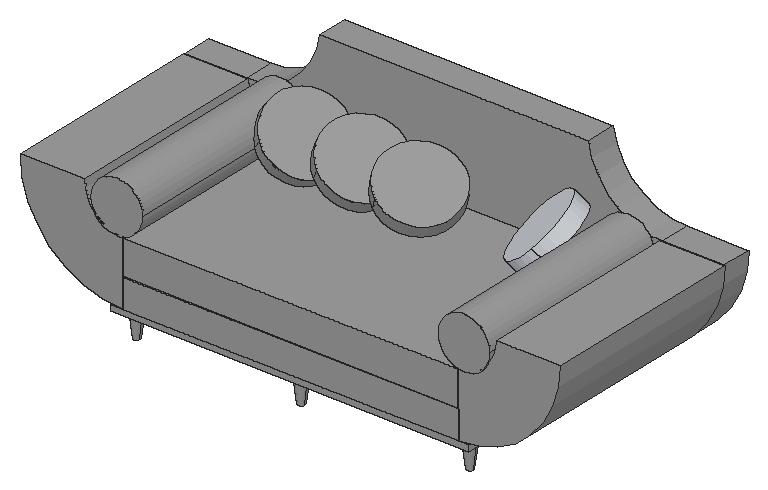
Revit family "Hub Living room Sofa", category Furniture, Revit 2012
Reference planes (in)
  plane 1 "Center Front/Back": y = 0
  plane 2: z = 0
  plane 3 "Center Left/Right": x = 0
Forms (in)
  Extrusion 1, solid, material "Pillows 2"
    sketch origin (0.75, 88.01004, -19.01004) x (1, 0, 0) y (0, 0, 1)
      loop
        line (-26.59582, 24.01004) -> (25.09582, 24.01004)
        arc (25.09582, 24.01004) -> (36.40953, 28.69633) -> (41.09582, 40.01004) r 16
        line (41.09582, 40.01004) -> (31.5, 40.01004)
        arc (31.5, 40.01004) -> (23.91712, 42.86424) -> (20.09825, 50.01004) r 11.5
        line (20.09825, 50.01004) -> (-21.59825, 50.01004)
        arc (-21.59825, 50.01004) -> (-25.41712, 42.86424) -> (-33, 40.01004) r 11.5
        line (-33, 40.01004) -> (-42.59582, 40.01004)
        arc (-42.59582, 40.01004) -> (-37.90953, 28.69633) -> (-26.59582, 24.01004) r 16
    from 10.27054 to 15
  Revolve 2, solid, material "Pillows 2"
    sketch origin (0.76993, 32.91826, 21.01752) x (1, 0, 0) y (0, 1, 0)
      loop
        line (-42.75, 40.01004) -> (-42.75, 8.31721) -> (-32.75, 8.31721) -> (-32.75, 40.01004) -> (-42.75, 40.01004)
      axis (-26.75, 40.01004) -> (-26.75, 8.31721)
    angle from 0 to 89.707
  Revolve 3, solid, material "Pillows 2"
    sketch origin (-0.76993, 32.91826, 21.01752) x (-1, 0, 0) y (0, -1, 0)
      loop
        line (-42.75, -40.01004) -> (-32.75, -40.01004) -> (-32.75, -8.31721) -> (-42.75, -8.31721) -> (-42.75, -40.01004)
      axis (-26.75, -40.01004) -> (-26.75, -8.31721)
    angle from 0 to 89.707
  Extrusion 4, solid, material "Pillows 2"
    sketch origin (0, 0, 1) x (1, 0, 0) y (0, 0, 1)
      loop
        line (-25.95619, 8.44867) -> (-25.95619, 4) -> (26.04381, 4) -> (26.04381, 8.44867) -> (-25.95619, 8.44867)
    from -73.01004 to -41.23547
  Extrusion 5, solid, material "Pillows 2"
    sketch origin (-0.04381, 0, 4.56785) x (1, 0, 0) y (0, 0, 1)
      loop
        line (-25.95619, 10.43215) -> (-25.95619, 5.02737) -> (26.04381, 5.02737) -> (26.04381, 10.43215) -> (-25.95619, 10.43215)
    from -73.01004 to -41.23547
  Extrusion 6, solid, material "Wood"
    sketch origin (-0.04381, 0, -3.5) x (1, 0, 0) y (0, 0, 1)
      loop
        line (-27.95619, 8.44867) -> (-27.95619, 7.54217) -> (27.66086, 7.54217) -> (27.66086, 8.44867) -> (-27.95619, 8.44867)
    from -73.01004 to -41.23547
  Extrusion 7, solid, material "Couch Fabric"
    sketch origin (0, 0, 0) x (1, 0, 0) y (0, 0, 1)
      loop
        circle (-26.95741, 18.92865) r 4
      loop
        circle (26.95741, 18.92865) r 4
    from -73.01004 to -41.23547
  Blend 8, solid, material "Wood"
    base sketch origin (39.05748, -10.43641, 0) x (1, 0, 0) y (0, 1, 0)
      loop
        circle (-64.93307, 54.14969) r 0.5
    top sketch origin (39.05748, -10.43641, 0) x (1, 0, 0) y (0, 1, 0)
      loop
        circle (-64.93307, 54.14969) r 1
    from 0 to 4.04217
  Blend 9, solid, material "Wood"
    base sketch origin (-39.05748, -10.43641, 0) x (-1, 0, 0) y (0, -1, 0)
      loop
        circle (-64.93307, -54.14969) r 0.5
    top sketch origin (-39.05748, -10.43641, 0) x (-1, 0, 0) y (0, -1, 0)
      loop
        circle (-64.93307, -54.14969) r 1
    from 0 to 4.04217
  Blend 10, solid, material "Wood"
    base sketch origin (39.05748, 126.10018, 0) x (1, 0, 0) y (0, 1, 0)
      loop
        circle (-64.93307, -54.14969) r 0.5
    top sketch origin (39.05748, 126.10018, 0) x (1, 0, 0) y (0, 1, 0)
      loop
        circle (-64.93307, -54.14969) r 1
    from 0 to 4.04217
  Blend 11, solid, material "Wood"
    base sketch origin (-39.05748, 126.10018, 0) x (-1, 0, 0) y (0, -1, 0)
      loop
        circle (-64.93307, 54.14969) r 0.5
    top sketch origin (-39.05748, 126.10018, 0) x (-1, 0, 0) y (0, -1, 0)
      loop
        circle (-64.93307, 54.14969) r 1
    from 0 to 4.04217
  Blend 12, solid, material "Wood"
    base sketch origin (-65.05748, -10.68641, 0) x (-1, 0, 0) y (0, -1, 0)
      loop
        circle (-64.93307, -54.14969) r 0.5
    top sketch origin (-65.05748, -10.68641, 0) x (-1, 0, 0) y (0, -1, 0)
      loop
        circle (-64.93307, -54.14969) r 1
    from 0 to 4.04217
  Blend 13, solid, material "Wood"
    base sketch origin (-65.05748, 17.81359, 0) x (-1, 0, 0) y (0, -1, 0)
      loop
        circle (-64.93307, -54.14969) r 0.5
    top sketch origin (-65.05748, 17.81359, 0) x (-1, 0, 0) y (0, -1, 0)
      loop
        circle (-64.93307, -54.14969) r 1
    from 0 to 4.04217
  Extrusion 14, solid, material "Pillows 1"
    sketch origin (57.7392, 128.25218, -34.49904) x (0.5, 0.866025, 0) y (-0.612372, 0.353553, 0.707107)
      loop
        circle (-91.13063, 64.02067) r 6
    from 12 to 14.5
  Extrusion 15, solid, material "Couch Fabric"
    sketch origin (74.26122, 128.25218, -22.49809) x (0.493995, 0.866025, 0.077259) y (-0.714279, 0.353553, 0.603992)
      loop
        circle (-91.13063, 64.02067) r 6
    from 12 to 14.5
  Extrusion 16, solid, material "Pillows 1"
    sketch origin (87.26872, 128.25218, -13.79728) x (0.482963, 0.866025, 0.12941) y (-0.774519, 0.353553, 0.524519)
      loop
        circle (-91.13063, 64.02067) r 6
    from 12 to 14.5
  Extrusion 17, solid
    sketch origin (-57.7392, 128.25218, -34.49904) x (-0.5, 0.866025, 0) y (-0.612372, -0.353553, -0.707107)
      loop
        circle (-91.13063, -64.02067) r 6
    from 12 to 14.5
Dimensions and locks (in)
  aligned and locked: level to plane 2
